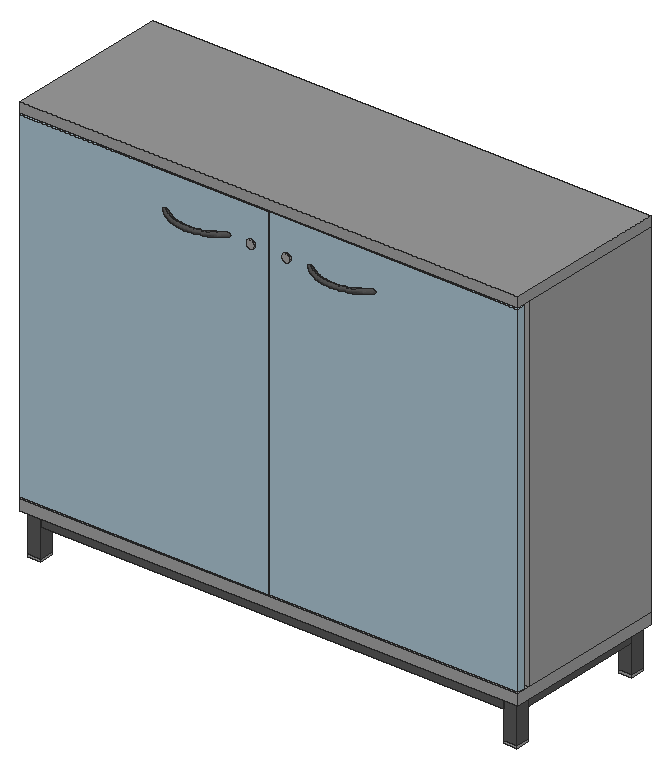
Revit family "1200 Tall Storage", category Furniture, Revit 2019
Family settings
  OmniClass Number = 23.40.20.00
  OmniClass Title = General Furniture and Specialties
  Work Plane-Based = No
  Always vertical = Yes
  Cut with Voids When Loaded = No
  Shared = No
  Room Calculation Point = No
Parameters (values of type "Storage - 1200 Tall Storage")
  Width = 1200 mm
  URL = "www.gof.co.uk"
  Range = "STORAGE"
  Product Data Specification = ""
  Product Code = "KQ1210ST"
  Product Brochure = ""
  Model = "KULTURE QUOLL"
  Manufacturer = "Gresham Office Furniture"  # constant formula
  Handle = Gresham - BLACK METAL
  Frame = Gresham - BLACK METAL
  Doors = Gresham - Azure
  Carcass = Gresham - MIDNIGHT ASH VERTICAL
  Depth = 400 mm
Reference planes
  plane 1 "Center (Front/Back)": y = 0
  plane 2: z = 0
  plane 3 "Center (Left/Right)": x = 0
  plane 4: x = -600
  plane 5: x = 600
  plane 6: y = 200
  plane 7 "Front": y = -200
  plane 8 "Storage Top": z = 569
  plane 9: z = 556.5
  plane 10 "Door Front": y = -182
  plane 11: z = 112.5
  plane 12: z = 544
  plane 13: z = 1400
  plane 14: z = 984
  plane 15: z = 959
  plane 16: z = 1375
  plane 17: z = 125
  plane 18: z = 100
  plane 19: z = 568.5
  plane 20: z = 543.5
Forms (mm)
  Extrusion 1, solid, material "Gresham - MIDNIGHT ASH VERTICAL" <- "Carcass"
    sketch origin (0, -5.525, 5) x (-1, 0, 0) y (0, -1, 0)
      loop
        line (582, -205.525) -> (582, -187.525) -> (-582, -187.525) -> (-582, -205.525) -> (582, -205.525)
    from 120 to 954
  Extrusion 2, solid, material "Gresham - MIDNIGHT ASH VERTICAL" <- "Carcass"
    sketch origin (0, 17, 0) x (1, 0, 0) y (0, 1, 0)
      loop
        line (-600, 183) -> (-600, -182) -> (-582, -182) -> (-582, 183) -> (-600, 183)
      loop
        line (600, 183) -> (582, 183) -> (582, -182) -> (600, -182) -> (600, 183)
    from 125 to 959
  Extrusion 3, solid, material "Gresham - MIDNIGHT ASH VERTICAL"
    sketch origin (0, 7, -5) x (0, 1, 0) y (0, 0, 1)
      loop
        line (-207, 964) -> (193, 964) -> (193, 989) -> (-207, 989) -> (-207, 964)
    from -600 to 600
  Extrusion 4, solid, material "Gresham - MIDNIGHT ASH VERTICAL" <- "Carcass"
    sketch origin (0, -6.874, 39) x (0, 1, 0) y (0, 0, 1)
      loop
        line (-193.126, 61) -> (206.874, 61) -> (206.874, 86) -> (-193.126, 86) -> (-193.126, 61)
    from -600 to 600
  Extrusion 5, solid, material "Gresham - MIDNIGHT ASH VERTICAL" <- "Carcass"
    sketch origin (-8.088, 0, 0) x (1, 0, 0) y (0, 1, 0)
      loop
        line (17.088, 182) -> (-0.912, 182) -> (-0.912, -182) -> (17.088, -182) -> (17.088, 182)
    from 125 to 959
Dimensions and locks
  equal spacing: plane 4, plane 3 "Center (Left/Right)", plane 5
  "Width": plane 4 to plane 5
  equal spacing: plane 6, plane 1 "Center (Front/Back)", plane 7 "Front"
  locked: Extrusion 2 to Extrusion 2 at 18  (x2)
  Extrusion 3 sketch curve to Extrusion 3 sketch curve = 25 mm
  "Depth": plane 6 to plane 7 "Front"
  Extrusion 2 to plane 7 "Front" = 35 mm
  Extrusion 3 to Extrusion 3 = 25 mm
  locked: Extrusion 1 to Extrusion 1 at 18
  locked: plane 8 "Storage Top" to plane 9 at 12.5
  equal spacing: Extrusion 5, plane 3 "Center (Left/Right)", Extrusion 5
  locked: Extrusion 5 to Extrusion 5 at 18
  locked: plane 10 "Door Front" to plane 7 "Front" at 18
  Extrusion 4 sketch curve to Extrusion 4 sketch curve = 25 mm
  equal spacing: Extrusion 4, plane 11, Extrusion 4
  locked: Extrusion 4 to Extrusion 4 at 25
  locked: plane 11 to level at 112.5
  locked: plane 8 "Storage Top" to plane 12 at 25
  plane 12 to plane 11 = 431.5 mm  (x2)
  locked: plane 13 to level at 1400
  locked: plane 14 to level at 984
  locked: plane 14 to plane 15 at 25
  locked: plane 13 to plane 16 at 25
  locked: plane 17 to plane 18 at 25
  locked: plane 19 to plane 20 at 25
  plane 19 to level = 568.5 mm
  aligned and locked: level to plane 2
  aligned and locked: Extrusion 2 to plane 5
  aligned and locked: Extrusion 2 to plane 4
  aligned and locked: Extrusion 2 to Extrusion 1  (x2)
  aligned and locked: Extrusion 1 to Extrusion 2  (x2)
  aligned and locked: Extrusion 3 to plane 5
  aligned and locked: Extrusion 3 to plane 4
  aligned and locked: Extrusion 2 to Extrusion 3
  aligned and locked: Extrusion 3 to plane 7 "Front"
  aligned and locked: plane 6 to Extrusion 3
  aligned and locked: plane 6 to Extrusion 2  (x2)
  aligned and locked: plane 6 to Extrusion 1
  aligned and locked: plane 6 to Extrusion 4
  aligned and locked: Extrusion 5 sketch curve to Extrusion 1
  aligned and locked: Extrusion 1 to Extrusion 5
  aligned and locked: Extrusion 4 to plane 7 "Front"
Automatic sketch dimensions
  Extrusion 1 sketch curve to plane 6 = 0 mm
  plane 5 to Extrusion 1 sketch curve = 18 mm
  plane 4 to Extrusion 1 sketch curve = 18 mm
  Extrusion 1 sketch curve to Extrusion 1 sketch curve = 18 mm
  Extrusion 2 sketch curve to plane 4 = 0 mm
  plane 6 to Extrusion 2 sketch curve = 0 mm  (x2)
  Extrusion 2 sketch curve to plane 10 "Door Front" = 17 mm  (x2)
  Extrusion 2 sketch curve to plane 5 = 0 mm
  plane 4 to Extrusion 2 sketch curve = 18 mm
  plane 5 to Extrusion 2 sketch curve = 18 mm
  Extrusion 3 sketch curve to plane 7 "Front" = 0 mm
  Extrusion 3 sketch curve to plane 6 = 0 mm
  plane 12 to Extrusion 3 sketch curve = 415 mm
  Extrusion 4 sketch curve to plane 7 "Front" = 0 mm
  Extrusion 4 sketch curve to plane 6 = 0 mm
  Extrusion 4 sketch curve to plane 18 = 0 mm
  plane 10 "Door Front" to Extrusion 5 sketch curve = 0 mm
  Extrusion 5 sketch curve to plane 3 "Center (Left/Right)" = 9 mm
  plane 3 "Center (Left/Right)" to Extrusion 5 sketch curve = 9 mm
Nested families
  nested 1: "Modular Storage Frame" at (0, 0, 0), type "Modular Storage Frame"
  nested 2: "Hinged Locking Wooden Doors - HD2 - Level 1" at (0, 0, 0), type "Hinged Locking Wooden Doors - HD2 - Level 1"
    with Handle Type D no, Handle Type C yes, Handle Type B no
Definition of nested family "Modular Storage Frame"
  Parameters (values of type "Modular Storage Frame")
    Width = 1180 mm
    URL = "www.gof.co.uk"
    Frame = none
    Range = "STORAGE"
    Product Data Specification = ""
    Product Code = ""
    Product Brochure = ""
    Model = "MODULAR STORAGE"
    Manufacturer = "Gresham Office Furniture"  # constant formula
    Foot = none
    Depth = 380 mm
  Reference planes
    plane 1 "Center (Front/Back)": y = 0
    plane 2: z = 0
    plane 3 "Center (Left/Right)": x = 0
    plane 4: x = -590
    plane 5: x = 590
    plane 6: y = 190
    plane 7: y = -190
  Forms (mm)
    Extrusion 1, solid, material <- "Frame"
      sketch origin (76, -5.525, 0) x (-1, 0, 0) y (0, -1, 0)
        loop
          line (634, -195.525) -> (634, -170.525) -> (-482, -170.525) -> (-482, -195.525) -> (634, -195.525)
        loop
          line (634, 184.475) -> (-482, 184.475) -> (-482, 159.475) -> (634, 159.475) -> (634, 184.475)
        loop
          line (-514, -163.525) -> (-489, -163.525) -> (-489, 152.475) -> (-514, 152.475) -> (-514, -163.525)
        loop
          line (666, -163.525) -> (666, 152.475) -> (641, 152.475) -> (641, -163.525) -> (666, -163.525)
      from 75 to 100
    Extrusion 2, solid, material <- "Frame"
      sketch origin (0, 0, 0) x (1, 0, 0) y (0, 1, 0)
        loop
          line (590, -190) -> (590, -158) -> (558, -158) -> (558, -190) -> (590, -190)
        loop
          line (590, 190) -> (558, 190) -> (558, 158) -> (590, 158) -> (590, 190)
        loop
          line (-590, -190) -> (-558, -190) -> (-558, -158) -> (-590, -158) -> (-590, -190)
        loop
          line (-590, 190) -> (-590, 158) -> (-558, 158) -> (-558, 190) -> (-590, 190)
      from 5 to 100
    Extrusion 3, solid, material <- "Foot"
      sketch origin (0, 0, 0) x (1, 0, 0) y (0, 1, 0)
        loop
          line (590, 190) -> (558, 190) -> (558, 158) -> (590, 158) -> (590, 190)
        loop
          line (590, -158) -> (558, -158) -> (558, -190) -> (590, -190) -> (590, -158)
        loop
          line (-590, -190) -> (-558, -190) -> (-558, -158) -> (-590, -158) -> (-590, -190)
        loop
          line (-590, 190) -> (-590, 158) -> (-558, 158) -> (-558, 190) -> (-590, 190)
      from 0 to 5
  Dimensions and locks
    equal spacing: plane 4, plane 3 "Center (Left/Right)", plane 5
    "Width": plane 4 to plane 5
    equal spacing: plane 6, plane 1 "Center (Front/Back)", plane 7
    "Depth": plane 6 to plane 7
    Extrusion 2 sketch curve to Extrusion 2 sketch curve = 32 mm  (x7)
    locked: Extrusion 1 to Extrusion 1 at 25
    locked: Extrusion 2 to plane 5 at 32  (x2)
    locked: Extrusion 2 to Extrusion 2 at 32
    locked: plane 6 to Extrusion 2 at 32  (x2)
    locked: plane 4 to Extrusion 2 at 32  (x2)
    locked: Extrusion 2 to plane 7 at 32
    locked: Extrusion 1 to plane 5 at 25
    locked: plane 4 to Extrusion 1 at 25
    Extrusion 1 to plane 2 = 100 mm
    aligned and locked: level to plane 2
    aligned and locked: Extrusion 2 to Extrusion 1
    aligned and locked: plane 6 to Extrusion 1
    aligned and locked: Extrusion 1 sketch curve to Extrusion 2
    aligned and locked: Extrusion 2 to Extrusion 1 sketch curve
  Automatic sketch dimensions
    Extrusion 1 sketch curve to plane 5 = 0 mm
    Extrusion 1 sketch curve to plane 7 = 0 mm
    Extrusion 1 sketch curve to plane 4 = 0 mm
    Extrusion 1 sketch curve to plane 6 = 0 mm
    Extrusion 1 sketch curve to Extrusion 1 sketch curve = 7 mm  (x5)
    plane 4 to Extrusion 1 sketch curve = 32 mm
    Extrusion 1 sketch curve to Extrusion 1 sketch curve = 25 mm  (x2)
    plane 7 to Extrusion 1 sketch curve = 32 mm  (x2)
    Extrusion 3 sketch curve to plane 4 = 0 mm  (x2)
    Extrusion 3 sketch curve to plane 7 = 0 mm  (x2)
    Extrusion 3 sketch curve to plane 6 = 0 mm  (x2)
    Extrusion 3 sketch curve to plane 5 = 0 mm  (x2)
    Extrusion 3 sketch curve to Extrusion 3 sketch curve = 32 mm  (x5)
    plane 7 to Extrusion 3 sketch curve = 32 mm
    Extrusion 3 sketch curve to plane 6 = 32 mm  (x2)
    Extrusion 2 sketch curve to plane 4 = 0 mm  (x2)
    Extrusion 2 sketch curve to plane 6 = 0 mm  (x2)
    Extrusion 2 sketch curve to plane 7 = 0 mm  (x2)
    Extrusion 2 sketch curve to plane 5 = 0 mm  (x2)
    Extrusion 2 sketch curve to Extrusion 2 sketch curve = 32 mm
Definition of nested family "Hinged Locking Wooden Doors - HD2 - Level 1"
  Parameters (values of type "Hinged Locking Wooden Doors - HD2 - Level 1")
    Width = 1200 mm
    URL = "www.gof.co.uk"
    Range = "STORAGE"
    Product Data Specification = ""
    Product Code = "HD2"
    Product Brochure = ""
    Model = "BOOKCASE"
    Manufacturer = "Gresham Office Furniture"  # constant formula
    Height = 1816 mm
    Handle Type D [instance] = no
    Handle Type C [instance] = yes
    Handle Type B [instance] = no
    HD2 - Lock = yes
    Doors = none
    Depth = 400 mm
  Reference planes
    plane 1 "Center (Front/Back)": y = 0
    plane 2: z = 0
    plane 3 "Center (Left/Right)": x = 0
    plane 4: x = -600
    plane 5: x = 600
    plane 6: y = 200
    plane 7 "Front": y = -200
    plane 8 "Storage Top": z = 1816
    plane 9: z = 1803.5
    plane 10 "Door Front": y = -182
    plane 11: z = 112.5
    plane 12: z = 1791
    plane 13: z = 1400
    plane 14: z = 984
    plane 15: z = 959
    plane 16: z = 1375
    plane 17: z = 125
    plane 18: z = 100
  Forms (mm)
    Extrusion 1, solid, material <- "Doors", visible <- "HD2 - Lock"
      sketch origin (-839.743, -182, 1119.4) x (1, 0, 0) y (0, 0, 1)
        loop
          line (840.743, -990.4) -> (1439.743, -990.4) -> (1439.743, -163.4) -> (840.743, -163.4) -> (840.743, -990.4)
      from 0 to 18
    Extrusion 2, solid, visible <- "HD2 - Lock"
      sketch origin (0, 0, 415.5) x (-1, 0, 0) y (0, 0, -1)
        loop
          circle (-43, -457) r 10
      from 200 to 202
    Extrusion 3, solid, material <- "Doors", visible <- "HD2 - Lock"
      sketch origin (839.743, -182, 1119.4) x (-1, 0, 0) y (0, 0, -1)
        loop
          line (840.743, 163.4) -> (1439.743, 163.4) -> (1439.743, 990.4) -> (840.743, 990.4) -> (840.743, 163.4)
      from 0 to 18
    Extrusion 4, solid, visible <- "HD2 - Lock"
      sketch origin (0, 0, 415.5) x (1, 0, 0) y (0, 0, 1)
        loop
          circle (-43, 457) r 10
      from 200 to 202
  Dimensions and locks
    equal spacing: plane 4, plane 3 "Center (Left/Right)", plane 5
    "Width": plane 4 to plane 5
    equal spacing: plane 6, plane 1 "Center (Front/Back)", plane 7 "Front"
    "Depth": plane 6 to plane 7 "Front"
    "Height": plane 8 "Storage Top" to plane 2
    locked: plane 8 "Storage Top" to plane 9 at 12.5
    locked: plane 10 "Door Front" to plane 7 "Front" at 18
    locked: plane 11 to level at 112.5
    locked: plane 8 "Storage Top" to plane 12 at 25
    plane 12 to plane 11 = 1678.5 mm  (x2)
    locked: plane 13 to level at 1400
    locked: plane 14 to level at 984
    locked: plane 14 to plane 15 at 25
    locked: plane 13 to plane 16 at 25
    locked: plane 17 to plane 18 at 25
    Extrusion 1 to Extrusion 1 = 827 mm
    locked: Extrusion 1 to Extrusion 1 at 18
    locked: Extrusion 1 to nested 2 at 99
    locked: Extrusion 1 to nested 2 at 83.5
    locked: Extrusion 1 to nested 1 at 99
    locked: Extrusion 1 to nested 1 at 83.5
    locked: Extrusion 1 to nested 3 at 83.5
    locked: Extrusion 1 to nested 3 at 99
    locked: Extrusion 3 to Extrusion 3 at 18
    locked: Extrusion 3 to nested 6 at 99
    locked: Extrusion 3 to nested 6 at 83.5
    locked: Extrusion 3 to nested 4 at 99
    locked: Extrusion 3 to nested 4 at 83.5
    locked: Extrusion 3 to nested 5 at 83.5
    locked: Extrusion 3 to nested 5 at 99
    locked: Extrusion 1 sketch curve to plane 17 at 4
    aligned and locked: level to plane 2
    aligned and locked: Extrusion 2 sketch curve to nested 1
    aligned and locked: nested 6 to Extrusion 4 sketch curve
    aligned and locked: Extrusion 3 sketch curve to Extrusion 1
  Automatic sketch dimensions
    plane 5 to Extrusion 1 sketch curve = 0 mm
    plane 3 "Center (Left/Right)" to Extrusion 1 sketch curve = 1 mm
    Extrusion 1 sketch curve to plane 15 = 3 mm
    Extrusion 2 sketch curve to plane 3 "Center (Left/Right)" = 43 mm
    Extrusion 4 sketch curve to plane 3 "Center (Left/Right)" = 43 mm
    Extrusion 3 sketch curve to plane 4 = 0 mm
    Extrusion 3 sketch curve to plane 15 = 3 mm
    Extrusion 3 sketch curve to plane 3 "Center (Left/Right)" = 1 mm
    radius of Extrusion 2 sketch curve = 10 mm
    radius of Extrusion 4 sketch curve = 10 mm
  Nested families
    nested 1: "Handle Type C-1" at (175, -200, -108.638) x (-1, 0, 0) z (0, 0, 1), visible <- "Handle Type C", type "Handle Type C-1"
    nested 2: "Handle Type B-1" at (175, -200, -122.078) x (-1, 0, 0) z (0, 0, 1), visible <- "Handle Type B", type "Handle Type B-1"
    nested 3: "Handle Type D-1" at (175, -200, -122.078) x (-1, 0, 0) z (0, 0, 1), visible <- "Handle Type D", type "Handle Type D-1"
    nested 4: "Handle Type C-1" at (-175, -200, -108.638), visible <- "Handle Type C", type "Handle Type C-1"
    nested 5: "Handle Type B-1" at (-175, -200, -122.078), visible <- "Handle Type B", type "Handle Type B-1"
    nested 6: "Handle Type D-1" at (-175, -200, -122.078), visible <- "Handle Type D", type "Handle Type D-1"
  Definition of nested family "Handle Type C-1"
    Parameters (values of type "Handle Type C-1")
      URL = "www.gof.co.uk"
      Type Comments = ""
      Range = "STORAGE"
      Handle Type C = none
      Product Code = "Handle Type C"
      Model = ""
      Manufacturer = "Gresham Office Furniture"  # constant formula
      Assembly Code = "E2020200"
    Reference planes
      plane 1 "Center (Front/Back)": y = 0
      plane 2: z = 0
      plane 3 "Center (Left/Right)": x = 0
      plane 4: x = -475
      plane 5: x = 475
      plane 6 "Storage Top": z = 2007
      plane 7: y = 260
      plane 8: y = -260
    Forms (mm)
      Extrusion 1, void
        sketch origin (981.138, 0, 981.138) x (0, 1, 0) y (-1, 0, 0)
          loop
            line (0, 1072) -> (0, 884.5) -> (27.401, 884.5) -> (27.401, 1072) -> (0, 1072)
        from -12.204 to 11.22
      Sweep 2, solid, material <- "Handle Type C"
        path in 3D
          loop
            arc (-78.75, 3.75, 981.138) -> (0, -30, 981.138) -> (78.75, 3.75, 981.138) r 108.75
        profile origin (0, -30, 981.138) x (0, 1, 0) y (0, 0, 1)
          loop
            circle (0, 0) r 5
    Cuts and joins
      Extrusion 1 cuts Sweep 2
    Lines and regions (mm)
      model lines, not visible, detail levels coarse+medium
        curve 1: line (68, 0, 981.138) -> (-68, 0, 981.138)
        curve 2: line (0, 0, 986.138) -> (0, 0, 976.138)
      model lines, not visible
        curve 3: line (0, 0, 981.138) -> (0, -30, 981.138)
        curve 5: line (-75, 0, 976.138) -> (-75, 0, 986.138)
        curve 6: line (75, 0, 986.138) -> (75, 0, 976.138)
      sketch lines
        curve 4: arc (-78.75, 3.75, 981.138) -> (0, -30, 981.138) -> (78.75, 3.75, 981.138) r 108.75
    Dimensions and locks
      equal spacing: plane 4, plane 3 "Center (Left/Right)", plane 5
      locked: plane 4 to plane 5 at 950
      equal spacing: plane 7, plane 1 "Center (Front/Back)", plane 8
      locked: plane 7 to plane 8 at 520
      aligned and locked: level to plane 2
    Automatic sketch dimensions
      curve 3 to plane 1 "Center (Front/Back)" = 0 mm
      plane 1 "Center (Front/Back)" to curve 3 = 30 mm
      curve 2 to plane 3 "Center (Left/Right)" = 0 mm
      level to curve 2 = 976.138 mm
      curve 1 to plane 3 "Center (Left/Right)" = 68 mm
      curve 5 to curve 1 = 7 mm
      plane 3 "Center (Left/Right)" to curve 1 = 68 mm
      curve 1 to curve 6 = 7 mm
      curve 6 to curve 2 = 0 mm
      curve 5 to curve 2 = 0 mm
      curve 5 to curve 1 = 5 mm
      curve 1 to curve 6 = 5 mm
      curve 1 to curve 5 = 5 mm
      curve 2 to curve 2 = 10 mm
      plane 1 "Center (Front/Back)" to Extrusion 1 sketch curve = 0 mm
      Extrusion 1 sketch curve to plane 1 "Center (Front/Back)" = 27.401 mm
      plane 3 "Center (Left/Right)" to Extrusion 1 sketch curve = 96.638 mm
      Extrusion 1 sketch curve to plane 3 "Center (Left/Right)" = 90.862 mm
      Sweep 2 sketch curve to profile plane = 0 mm  (x2)
      level to curve 3 = 981.138 mm
      radius of Sweep 2 sketch curve = 5 mm
  Definition of nested family "Handle Type B-1"
    Parameters (values of type "Handle Type B-1")
      URL = "www.gof.co.uk"
      Type Comments = ""
      Range = "STORAGE"
      Handle Type B = none
      Product Code = "Handle Type B"
      Model = ""
      Manufacturer = "Gresham Office Furniture"  # constant formula
      Assembly Code = "E2020200"
    Reference planes
      plane 1 "Center (Front/Back)": y = 0
      plane 2: z = 0
      plane 3 "Center (Left/Right)": x = 0
      plane 4: x = -475
      plane 5: x = 475
      plane 6: y = 260
      plane 7: y = -260
    Forms (mm)
      Extrusion 1, void
        sketch origin (872.923, -128.373, 994.578) x (0, 1, 0) y (-1, 0, 0)
          loop
            line (71.667, 873.923) -> (71.667, 872.291) -> (97.075, 872.291) -> (97.075, 873.923) -> (71.667, 873.923)
        from -6 to 6
      Extrusion 2, solid, material <- "Handle Type B"
        sketch origin (988.138, 0, 994.578) x (0, 0, 1) y (-1, 0, 0)
          loop
            circle (0, 1063.138) r 4
          loop
            circle (0, 913.138) r 4
        from 0 to 10.354
      Sweep 3, solid, material <- "Handle Type B"
        path in 3D
          loop
            arc (-85, -5, 994.578) -> (0, -30, 994.578) -> (85, -5, 994.578) r 157
        profile origin (0, -30, 994.578) x (0, 1, 0) y (0, 0, 1)
          loop
            spline (0, 7.5) -> (-0.776, 7.244) -> (-1.5, 6.495) -> (-2.121, 5.303) -> (-2.598, 3.75) -> (-2.898, 1.941) -> (-3, 0) -> (-2.898, -1.941) -> (-2.598, -3.75) -> (-2.121, -5.303) -> (-1.5, -6.495) -> (-0.776, -7.244) -> (0, -7.5)
            spline (0, -7.5) -> (0.776, -7.244) -> (1.5, -6.495) -> (2.121, -5.303) -> (2.598, -3.75) -> (2.898, -1.941) -> (3, 0) -> (2.898, 1.941) -> (2.598, 3.75) -> (2.121, 5.303) -> (1.5, 6.495) -> (0.776, 7.244) -> (0, 7.5)
      Extrusion 4, void
        sketch origin (867.923, -128.373, 994.578) x (0, 1, 0) y (-1, 0, 0)
          loop
            line (71.667, 873.923) -> (71.667, 872.291) -> (97.075, 872.291) -> (97.075, 873.923) -> (71.667, 873.923)
        from -6 to 6
      Extrusion 5, void
        sketch origin (862.923, -128.373, 994.578) x (0, 1, 0) y (-1, 0, 0)
          loop
            line (71.667, 873.923) -> (71.667, 872.291) -> (98.373, 872.291) -> (98.373, 873.923) -> (71.667, 873.923)
        from -6 to 6
      Extrusion 6, void
        sketch origin (857.923, -128.373, 994.578) x (0, 1, 0) y (-1, 0, 0)
          loop
            line (71.667, 873.923) -> (71.667, 872.291) -> (98.373, 872.291) -> (98.373, 873.923) -> (71.667, 873.923)
        from -6 to 6
      Extrusion 7, void
        sketch origin (852.923, -128.373, 994.578) x (0, 1, 0) y (-1, 0, 0)
          loop
            line (71.667, 873.923) -> (71.667, 872.291) -> (98.842, 872.291) -> (98.842, 873.923) -> (71.667, 873.923)
        from -6 to 6
      Extrusion 8, void
        sketch origin (847.923, -128.373, 994.578) x (0, 1, 0) y (-1, 0, 0)
          loop
            line (71.667, 873.923) -> (71.667, 872.291) -> (99.385, 872.291) -> (99.385, 873.923) -> (71.667, 873.923)
        from -6 to 6
      Extrusion 9, void
        sketch origin (842.923, -128.373, 994.578) x (0, 1, 0) y (-1, 0, 0)
          loop
            line (71.667, 873.923) -> (71.667, 872.291) -> (100.2, 872.291) -> (100.2, 873.923) -> (71.667, 873.923)
        from -6 to 6
      Extrusion 10, void
        sketch origin (837.923, -128.373, 994.578) x (0, 1, 0) y (-1, 0, 0)
          loop
            line (71.667, 873.923) -> (71.667, 872.291) -> (100.984, 872.291) -> (100.984, 873.923) -> (71.667, 873.923)
        from -6 to 6
      Extrusion 11, void
        sketch origin (832.923, -128.373, 994.578) x (0, 1, 0) y (-1, 0, 0)
          loop
            line (71.667, 873.923) -> (71.667, 872.291) -> (102.35, 872.291) -> (102.35, 873.923) -> (71.667, 873.923)
        from -6 to 6
      Extrusion 12, void
        sketch origin (-867.923, -128.373, 994.578) x (0, 1, 0) y (-1, 0, 0)
          loop
            line (71.667, -873.923) -> (97.075, -873.923) -> (97.075, -872.291) -> (71.667, -872.291) -> (71.667, -873.923)
        from -6 to 6
      Extrusion 13, void
        sketch origin (-862.923, -128.373, 994.578) x (0, 1, 0) y (-1, 0, 0)
          loop
            line (71.667, -873.923) -> (98.373, -873.923) -> (98.373, -872.291) -> (71.667, -872.291) -> (71.667, -873.923)
        from -6 to 6
      Extrusion 14, void
        sketch origin (-857.923, -128.373, 994.578) x (0, 1, 0) y (-1, 0, 0)
          loop
            line (71.667, -873.923) -> (98.373, -873.923) -> (98.373, -872.291) -> (71.667, -872.291) -> (71.667, -873.923)
        from -6 to 6
      Extrusion 15, void
        sketch origin (-852.923, -128.373, 994.578) x (0, 1, 0) y (-1, 0, 0)
          loop
            line (71.667, -873.923) -> (98.842, -873.923) -> (98.842, -872.291) -> (71.667, -872.291) -> (71.667, -873.923)
        from -6 to 6
      Extrusion 16, void
        sketch origin (-847.923, -128.373, 994.578) x (0, 1, 0) y (-1, 0, 0)
          loop
            line (71.667, -873.923) -> (99.385, -873.923) -> (99.385, -872.291) -> (71.667, -872.291) -> (71.667, -873.923)
        from -6 to 6
      Extrusion 17, void
        sketch origin (-842.923, -128.373, 994.578) x (0, 1, 0) y (-1, 0, 0)
          loop
            line (71.667, -873.923) -> (100.2, -873.923) -> (100.2, -872.291) -> (71.667, -872.291) -> (71.667, -873.923)
        from -6 to 6
      Extrusion 18, void
        sketch origin (-837.923, -128.373, 994.578) x (0, 1, 0) y (-1, 0, 0)
          loop
            line (71.667, -873.923) -> (100.984, -873.923) -> (100.984, -872.291) -> (71.667, -872.291) -> (71.667, -873.923)
        from -6 to 6
      Extrusion 19, void
        sketch origin (-832.923, -128.373, 994.578) x (0, 1, 0) y (-1, 0, 0)
          loop
            line (71.667, -873.923) -> (102.35, -873.923) -> (102.35, -872.291) -> (71.667, -872.291) -> (71.667, -873.923)
        from -6 to 6
    Cuts and joins
      Extrusion 1, Extrusion 4, Extrusion 5, Extrusion 6, Extrusion 7, Extrusion 8, Extrusion 9, Extrusion 10, Extrusion 11, Extrusion 12, Extrusion 13, Extrusion 14, Extrusion 15, Extrusion 16, Extrusion 17, Extrusion 18, Extrusion 19 cuts Sweep 3
    Lines and regions (mm)
      model lines, not visible, detail levels coarse+medium
        curve 1: line (75, 0, 999.578) -> (75, 0, 989.578)
      model lines, not visible
        curve 2: line (-75, 0, 999.578) -> (-75, 0, 989.578)
        curve 3: line (-75, 0, 994.578) -> (75, 0, 994.578)
        curve 4: line (0, 0, 994.578) -> (0, -30, 994.578)
        curve 6: line (0, 0, 999.578) -> (0, 0, 989.578)
      sketch lines
        curve 5: arc (-85, -5, 994.578) -> (0, -30, 994.578) -> (85, -5, 994.578) r 157
    Dimensions and locks
      equal spacing: plane 4, plane 3 "Center (Left/Right)", plane 5
      locked: plane 4 to plane 5 at 950
      equal spacing: plane 6, plane 1 "Center (Front/Back)", plane 7
      locked: plane 6 to plane 7 at 520
      aligned and locked: level to plane 2
    Automatic sketch dimensions
      curve 4 to curve 4 = 30 mm
      curve 6 to plane 3 "Center (Left/Right)" = 0 mm
      plane 3 "Center (Left/Right)" to curve 1 = 75 mm
      level to curve 1 = 989.578 mm
      curve 3 to plane 3 "Center (Left/Right)" = 75 mm
      curve 2 to curve 1 = 0 mm
      curve 6 to curve 1 = 0 mm
      curve 2 to curve 3 = 5 mm
      curve 6 to curve 6 = 10 mm
      curve 3 to curve 2 = 5 mm
      curve 3 to curve 1 = 5 mm
      plane 3 "Center (Left/Right)" to Extrusion 1 sketch curve = 0.632 mm
      plane 1 "Center (Front/Back)" to Extrusion 1 sketch curve = 56.707 mm
      Extrusion 1 sketch curve to Extrusion 1 sketch curve = 25.409 mm
      Extrusion 1 sketch curve to plane 3 "Center (Left/Right)" = 1 mm
      plane 3 "Center (Left/Right)" to Extrusion 2 sketch curve = 75 mm
      level to Extrusion 2 sketch curve = 994.578 mm
      Extrusion 2 sketch curve to plane 3 "Center (Left/Right)" = 75 mm
      Extrusion 2 sketch curve to Extrusion 2 sketch curve = 0 mm
      Sweep 3 sketch curve to profile plane = 0 mm  (x2)
      Sweep 3 sketch curve to Sweep 3 sketch curve = 7.5 mm
      Extrusion 4 sketch curve to plane 3 "Center (Left/Right)" = 4.368 mm
      plane 1 "Center (Front/Back)" to Extrusion 4 sketch curve = 56.707 mm
      Extrusion 4 sketch curve to Extrusion 4 sketch curve = 25.409 mm
      Extrusion 4 sketch curve to Extrusion 4 sketch curve = 1.632 mm
      Extrusion 5 sketch curve to plane 3 "Center (Left/Right)" = 9.368 mm
      plane 1 "Center (Front/Back)" to Extrusion 5 sketch curve = 56.707 mm
      Extrusion 5 sketch curve to Extrusion 5 sketch curve = 26.707 mm
      Extrusion 5 sketch curve to Extrusion 5 sketch curve = 1.632 mm
      Extrusion 6 sketch curve to plane 3 "Center (Left/Right)" = 14.368 mm
      plane 1 "Center (Front/Back)" to Extrusion 6 sketch curve = 56.707 mm
      Extrusion 6 sketch curve to Extrusion 6 sketch curve = 26.707 mm
      Extrusion 6 sketch curve to Extrusion 6 sketch curve = 1.632 mm
      Extrusion 7 sketch curve to plane 3 "Center (Left/Right)" = 19.368 mm
      plane 1 "Center (Front/Back)" to Extrusion 7 sketch curve = 56.707 mm
      Extrusion 7 sketch curve to Extrusion 7 sketch curve = 27.176 mm
      Extrusion 7 sketch curve to Extrusion 7 sketch curve = 1.632 mm
      Extrusion 8 sketch curve to plane 3 "Center (Left/Right)" = 24.368 mm
      plane 1 "Center (Front/Back)" to Extrusion 8 sketch curve = 56.707 mm
      Extrusion 8 sketch curve to Extrusion 8 sketch curve = 27.719 mm
      Extrusion 8 sketch curve to Extrusion 8 sketch curve = 1.632 mm
      plane 1 "Center (Front/Back)" to Extrusion 9 sketch curve = 56.707 mm
      plane 1 "Center (Front/Back)" to Extrusion 9 sketch curve = 28.173 mm
      Extrusion 9 sketch curve to plane 3 "Center (Left/Right)" = 29.368 mm
      Extrusion 9 sketch curve to Extrusion 9 sketch curve = 1.632 mm
      plane 1 "Center (Front/Back)" to Extrusion 10 sketch curve = 56.707 mm
      plane 1 "Center (Front/Back)" to Extrusion 10 sketch curve = 27.389 mm
      Extrusion 10 sketch curve to plane 3 "Center (Left/Right)" = 34.368 mm
      Extrusion 10 sketch curve to Extrusion 10 sketch curve = 1.632 mm
      plane 1 "Center (Front/Back)" to Extrusion 11 sketch curve = 56.707 mm
      plane 1 "Center (Front/Back)" to Extrusion 11 sketch curve = 26.024 mm
      Extrusion 11 sketch curve to plane 3 "Center (Left/Right)" = 39.368 mm
      Extrusion 11 sketch curve to Extrusion 11 sketch curve = 1.632 mm
      plane 3 "Center (Left/Right)" to Extrusion 12 sketch curve = 4.368 mm
      plane 1 "Center (Front/Back)" to Extrusion 12 sketch curve = 56.707 mm
      Extrusion 12 sketch curve to Extrusion 12 sketch curve = 25.409 mm
      Extrusion 12 sketch curve to Extrusion 12 sketch curve = 1.632 mm
      plane 3 "Center (Left/Right)" to Extrusion 13 sketch curve = 9.368 mm
      plane 1 "Center (Front/Back)" to Extrusion 13 sketch curve = 56.707 mm
      Extrusion 13 sketch curve to Extrusion 13 sketch curve = 26.707 mm
      Extrusion 13 sketch curve to Extrusion 13 sketch curve = 1.632 mm
      plane 3 "Center (Left/Right)" to Extrusion 14 sketch curve = 14.368 mm
      plane 1 "Center (Front/Back)" to Extrusion 14 sketch curve = 56.707 mm
      Extrusion 14 sketch curve to Extrusion 14 sketch curve = 26.707 mm
      Extrusion 14 sketch curve to Extrusion 14 sketch curve = 1.632 mm
      plane 3 "Center (Left/Right)" to Extrusion 15 sketch curve = 19.368 mm
      plane 1 "Center (Front/Back)" to Extrusion 15 sketch curve = 56.707 mm
      Extrusion 15 sketch curve to Extrusion 15 sketch curve = 27.176 mm
      Extrusion 15 sketch curve to Extrusion 15 sketch curve = 1.632 mm
      plane 3 "Center (Left/Right)" to Extrusion 16 sketch curve = 24.368 mm
      plane 1 "Center (Front/Back)" to Extrusion 16 sketch curve = 56.707 mm
      Extrusion 16 sketch curve to Extrusion 16 sketch curve = 27.719 mm
      Extrusion 16 sketch curve to Extrusion 16 sketch curve = 1.632 mm
      plane 1 "Center (Front/Back)" to Extrusion 17 sketch curve = 56.707 mm
      plane 1 "Center (Front/Back)" to Extrusion 17 sketch curve = 28.173 mm
      plane 3 "Center (Left/Right)" to Extrusion 17 sketch curve = 31 mm
      Extrusion 17 sketch curve to Extrusion 17 sketch curve = 1.632 mm
      plane 1 "Center (Front/Back)" to Extrusion 18 sketch curve = 56.707 mm
      plane 1 "Center (Front/Back)" to Extrusion 18 sketch curve = 27.389 mm
      plane 3 "Center (Left/Right)" to Extrusion 18 sketch curve = 36 mm
      Extrusion 18 sketch curve to Extrusion 18 sketch curve = 1.632 mm
      plane 1 "Center (Front/Back)" to Extrusion 19 sketch curve = 56.707 mm
      plane 1 "Center (Front/Back)" to Extrusion 19 sketch curve = 26.024 mm
      plane 3 "Center (Left/Right)" to Extrusion 19 sketch curve = 41 mm
      Extrusion 19 sketch curve to Extrusion 19 sketch curve = 1.632 mm
      curve 4 to plane 1 "Center (Front/Back)" = 0 mm
      level to curve 4 = 994.578 mm
      radius of Extrusion 2 sketch curve = 4 mm  (x2)
  Definition of nested family "Handle Type D-1"
    Parameters (values of type "Handle Type D-1")
      URL = "www.gof.co.uk"
      Type Comments = ""
      Range = "STORAGE"
      Handle Type D = none
      Product Code = "Handle Type D"
      Model = ""
      Manufacturer = "Gresham Office Furniture"  # constant formula
      Assembly Code = "E2020200"
    Reference planes
      plane 1 "Center (Front/Back)": y = 0
      plane 2: z = 0
      plane 3 "Center (Left/Right)": x = 0
      plane 4: x = -475
      plane 5: x = 475
      plane 6: y = 260
      plane 7: y = -260
    Forms (mm)
      Extrusion 1, solid, material <- "Handle Type D"
        sketch origin (994.578, 0, 994.578) x (0, 0, 1) y (0, 1, 0)
          loop
            line (5, 0) -> (-5, 0) -> (-5, -6.91)
            arc (-5, -6.91) -> (-7.006, -15.176) -> (0, -20) r 7.5
            arc (0, -20) -> (7.006, -15.176) -> (5, -6.91) r 7.5
            line (5, -6.91) -> (5, 0)
        from 919.578 to 1069.578
    Lines and regions (mm)
      model lines, not visible, detail levels coarse+medium
        curve 1: line (75, 0, 999.578) -> (75, 0, 989.578)
        curve 2: line (-75, 0, 999.578) -> (-75, 0, 989.578)
      model lines, detail levels coarse+medium
        curve 3: line (-75, 0, 994.578) -> (75, 0, 994.578)
      model lines, not visible
        curve 4: line (0, 0, 999.578) -> (0, 0, 989.578)
    Dimensions and locks
      aligned and locked: level to plane 2
